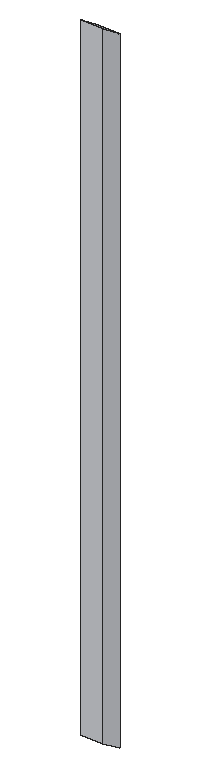
Revit family "M_Balaústre - Quadrado", category Balaústres, Revit 2019
Family settings
  Número OmniClass = 23.30.80.11.11.14
  Título OmniClass = Posts, Newel Posts, Pickets
  ID de item do Seek = Baluster - Square-0000-CAN-ENU
  Sempre na vertical = Sim
  Corte com vazios quando carregada = Não
  Compartilhado = Não
Parameters (values of type "25mm")
  built-in parameter 1008623 [instance] = 32.47°
  built-in parameter 1008625 [instance] = (empty or 0)
  Post = no
  built-in parameter 1008624 [instance] = 32.47°
  Largura = 25 mm
  Material de balaústre = none
  built-in parameter 1008622 [instance] = 750 mm
Types (3, lengths in mm): name | Largura
  (no name) | 25
  25mm | 25
  20mm | 20
Reference planes
  plane 1 "Centro (Frente/Trás)": y = 0
  plane 2: z = 0
  plane 3 "Centro (Esquerda/Direita)": x = 0
  plane 4 "Superior": z = 750
  plane 5 "Corte do ângulo superior": through (0, 339.699, 533.838) normal (0, -0.5369, -0.8437)
  plane 6: z = 850
  plane 7: x = -25
  plane 8: x = 25
  plane 9: y = 25
  plane 10: y = -25
  plane 11 "Corte ângulo inferior": through (0, 0, 0) normal (0, -0.5369, -0.8437)
  plane 12: z = -100
Forms (mm)
  Extrusion 1, solid, material <- "Material de balaústre"
    sketch origin (0, 0, 0) x (1, 0, 0) y (0, 1, 0)
      loop
        line (-12.5, 12.5) -> (-12.5, -12.5) -> (12.5, -12.5) -> (12.5, 12.5) -> (-12.5, 12.5)
    from -100 to 850
  Extrusion 2, void
    sketch origin (0, 0, 0) x (0, 1, 0) y (0, 0, 1)
      loop
        line (-25, 850) -> (-25, 765.908) -> (25, 734.092) -> (25, 850) -> (-25, 850)
      loop
        line (-25, -100) -> (25, -100) -> (25, -15.908) -> (-25, 15.908) -> (-25, -100)
    from -25 to 25
Cuts and joins
  Extrusion 2 cuts Extrusion 1
Dimensions and locks
  "built-in parameter 1008622": plane 2 to plane 4 "Superior"
  locked: plane 4 "Superior" to plane 6 at 100
  equal spacing: Extrusion 1 sketch curve, plane 3 "Centro (Esquerda/Direita)", Extrusion 1 sketch curve
  equal spacing: Extrusion 1 sketch curve, plane 1 "Centro (Frente/Trás)", Extrusion 1 sketch curve
  "Largura": Extrusion 1 sketch curve to Extrusion 1 sketch curve  (x2)
  "Largura": plane 7 to plane 3 "Centro (Esquerda/Direita)"
  "Largura": plane 3 "Centro (Esquerda/Direita)" to plane 8
  "Largura": plane 10 to plane 1 "Centro (Frente/Trás)"
  "Largura": plane 1 "Centro (Frente/Trás)" to plane 9
  locked: level to plane 12 at 100
  "built-in parameter 1008623": angle plane 4 "Superior" to plane 5 "Corte do ângulo superior"
  "built-in parameter 1008624": angle level to plane 11 "Corte ângulo inferior"
  aligned and locked: Extrusion 1 to plane 6
  aligned and locked: Extrusion 2 to plane 7
  aligned and locked: plane 8 to Extrusion 2
  aligned and locked: plane 6 to Extrusion 2 sketch curve
  aligned and locked: plane 9 to Extrusion 2 sketch curve
  aligned and locked: plane 10 to Extrusion 2 sketch curve  (x2)
  aligned and locked: Extrusion 2 sketch curve to plane 5 "Corte do ângulo superior"
  aligned and locked: plane 12 to Extrusion 1
  aligned and locked: plane 12 to Extrusion 2 sketch curve
  aligned and locked: Extrusion 2 sketch curve to plane 9
  aligned and locked: Extrusion 2 sketch curve to plane 11 "Corte ângulo inferior"
